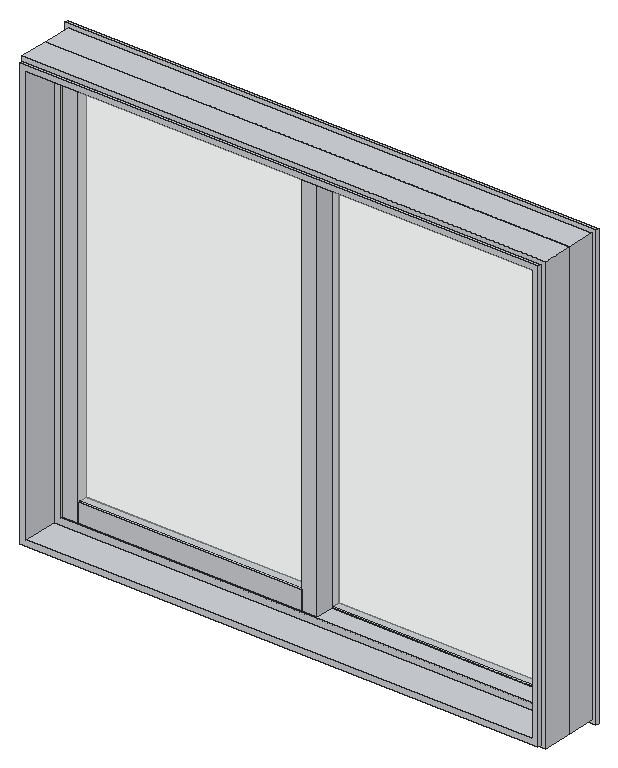
Revit family "APL Residential Thermal Heart Sliding Window SF", category Windows, host Wall, Revit 2017 (continued)
Definition of nested family "APL Residential Thermal Heart Sliding Window SF Horizontal Section"
  Definition of nested family "Jamb Fixed"
    Definition of nested family "65400_Jamb Fixed"
      Lines and regions (mm)
        detail lines, in view "Ref. Level"
          curve 451: arc (13.593, 20.854, 0) -> (13.496, 20.814, 0) -> (13.393, 20.8, 0) r 0.4
          curve 452: arc (13.1, 20.8, 0) -> (12.817, 20.917, 0) -> (12.7, 21.2, 0) r 0.4
          curve 453: line (13.1, 25, 0) -> (13.393, 25, 0)
          curve 454: line (13.593, 24.946, 0) -> (15.121, 24.062, 0)
          curve 455: line (15.722, 23.9, 0) -> (16.645, 23.9, 0)
          curve 456: line (17.584, 23.242, 0) -> (18.377, 21.063, 0)
          curve 457: line (18.753, 20.8, 0) -> (21.447, 20.8, 0)
          curve 458: line (21.823, 21.063, 0) -> (22.616, 23.242, 0)
          curve 459: line (23.555, 23.9, 0) -> (24.478, 23.9, 0)
          curve 460: line (25.079, 24.062, 0) -> (26.607, 24.946, 0)
          curve 461: line (26.807, 25, 0) -> (27.1, 25, 0)
          curve 462: line (27.5, 24.6, 0) -> (27.5, 21.2, 0)
          curve 463: line (27.1, 20.8, 0) -> (26.807, 20.8, 0)
          curve 464: line (26.607, 20.854, 0) -> (25.079, 21.739, 0)
          curve 465: line (24.184, 21.703, 0) -> (23.296, 19.263, 0)
          curve 466: line (22.92, 19, 0) -> (17.28, 19, 0)
          curve 467: line (16.904, 19.263, 0) -> (16.016, 21.703, 0)
          curve 468: line (15.121, 21.739, 0) -> (13.593, 20.854, 0)
          curve 469: line (13.393, 20.8, 0) -> (13.1, 20.8, 0)
          curve 470: line (12.7, 21.2, 0) -> (12.7, 24.6, 0)
          curve 471: arc (12.7, 40.8, 0) -> (12.817, 41.083, 0) -> (13.1, 41.2, 0) r 0.4
          curve 472: arc (13.393, 41.2, 0) -> (13.496, 41.186, 0) -> (13.593, 41.146, 0) r 0.4
          curve 473: arc (15.121, 40.262, 0) -> (15.411, 40.141, 0) -> (15.722, 40.1, 0) r 1.2
          curve 474: arc (16.645, 40.1, 0) -> (17.218, 39.919, 0) -> (17.584, 39.442, 0) r 1
          curve 475: arc (18.377, 37.263, 0) -> (18.524, 37.072, 0) -> (18.753, 37, 0) r 0.4
          curve 476: arc (21.447, 37, 0) -> (21.676, 37.072, 0) -> (21.823, 37.263, 0) r 0.4
          curve 477: arc (22.616, 39.442, 0) -> (22.982, 39.919, 0) -> (23.555, 40.1, 0) r 1
          curve 478: arc (24.478, 40.1, 0) -> (24.789, 40.141, 0) -> (25.079, 40.262, 0) r 1.2
          curve 479: arc (26.607, 41.146, 0) -> (26.704, 41.186, 0) -> (26.807, 41.2, 0) r 0.4
          curve 480: arc (27.1, 41.2, 0) -> (27.383, 41.083, 0) -> (27.5, 40.8, 0) r 0.4
          curve 481: arc (27.5, 37.4, 0) -> (27.383, 37.117, 0) -> (27.1, 37, 0) r 0.4
          curve 482: arc (26.807, 37, 0) -> (26.704, 37.014, 0) -> (26.607, 37.054, 0) r 0.4
          curve 483: arc (25.079, 37.939, 0) -> (24.785, 38.06, 0) -> (24.47, 38.1, 0) r 1.2
          curve 484: arc (24.47, 38.1, 0) -> (24.295, 38.047, 0) -> (24.184, 37.903, 0) r 0.3
          curve 485: arc (23.296, 35.463, 0) -> (23.149, 35.272, 0) -> (22.92, 35.2, 0) r 0.4
          curve 486: arc (17.28, 35.2, 0) -> (17.051, 35.272, 0) -> (16.904, 35.463, 0) r 0.4
          curve 487: arc (16.016, 37.903, 0) -> (15.905, 38.047, 0) -> (15.73, 38.1, 0) r 0.3
          curve 488: arc (15.73, 38.1, 0) -> (15.415, 38.06, 0) -> (15.121, 37.939, 0) r 1.2
          curve 489: arc (13.593, 37.054, 0) -> (13.496, 37.014, 0) -> (13.393, 37, 0) r 0.4
          curve 490: arc (13.1, 37, 0) -> (12.817, 37.117, 0) -> (12.7, 37.4, 0) r 0.4
          curve 491: line (13.1, 41.2, 0) -> (13.393, 41.2, 0)
          curve 492: line (13.593, 41.146, 0) -> (15.121, 40.262, 0)
          curve 493: line (15.722, 40.1, 0) -> (16.645, 40.1, 0)
          curve 494: line (17.584, 39.442, 0) -> (18.377, 37.263, 0)
          curve 495: line (18.753, 37, 0) -> (21.447, 37, 0)
          curve 496: line (21.823, 37.263, 0) -> (22.616, 39.442, 0)
          curve 497: line (23.555, 40.1, 0) -> (24.478, 40.1, 0)
          curve 498: line (25.079, 40.262, 0) -> (26.607, 41.146, 0)
          curve 499: line (26.807, 41.2, 0) -> (27.1, 41.2, 0)
          curve 500: line (27.5, 40.8, 0) -> (27.5, 37.4, 0)
          curve 501: line (27.1, 37, 0) -> (26.807, 37, 0)
          curve 502: line (26.607, 37.054, 0) -> (25.079, 37.939, 0)
          curve 503: line (24.184, 37.903, 0) -> (23.296, 35.463, 0)
          curve 504: line (22.92, 35.2, 0) -> (17.28, 35.2, 0)
          curve 505: line (16.904, 35.463, 0) -> (16.016, 37.903, 0)
          curve 506: line (15.121, 37.939, 0) -> (13.593, 37.054, 0)
          curve 507: line (13.393, 37, 0) -> (13.1, 37, 0)
          curve 508: line (12.7, 37.4, 0) -> (12.7, 40.8, 0)
          curve 509: arc (10.8, 36.502, 0) -> (11.356, 35.157, 0) -> (12.7, 34.6, 0) r 1.9
          curve 510: arc (13.1, 34.6, 0) -> (13.241, 34.541, 0) -> (13.3, 34.4, 0) r 0.2
          curve 511: arc (13.3, 27.6, 0) -> (13.241, 27.459, 0) -> (13.1, 27.4, 0) r 0.2
          curve 512: arc (11, 27.4, 0) -> (10.859, 27.341, 0) -> (10.8, 27.2, 0) r 0.2
          curve 513: arc (10.8, 26.717, 0) -> (10.741, 26.575, 0) -> (10.6, 26.517, 0) r 0.2
          curve 514: arc (1.9, 26.517, 0) -> (1.546, 26.663, 0) -> (1.4, 27.017, 0) r 0.5
          curve 515: arc (1.4, 40.755, 0) -> (1.521, 41.369, 0) -> (1.869, 41.889, 0) r 1.6
          curve 516: arc (6.387, 46.407, 0) -> (6.711, 46.624, 0) -> (7.094, 46.7, 0) r 1
          curve 517: arc (9.8, 46.7, 0) -> (10.507, 46.407, 0) -> (10.8, 45.7, 0) r 1
          curve 518: arc (1.665, 19.379, 0) -> (1.729, 19.478, 0) -> (1.725, 19.597, 0) r 0.2
          curve 519: arc (1.725, 19.597, 0) -> (1.621, 19.766, 0) -> (1.453, 19.873, 0) r 0.45
          curve 520: arc (1.453, 19.873, 0) -> (1.357, 19.948, 0) -> (1.322, 20.064, 0) r 0.2
          curve 521: arc (1.379, 24.919, 0) -> (1.438, 25.059, 0) -> (1.579, 25.117, 0) r 0.2
          curve 522: arc (10.6, 25.117, 0) -> (10.741, 25.058, 0) -> (10.8, 24.917, 0) r 0.2
          curve 523: arc (10.8, 20.828, 0) -> (10.773, 20.728, 0) -> (10.7, 20.655, 0) r 0.2
          curve 524: arc (9.6, 20.02, 0) -> (9.38, 19.8, 0) -> (9.3, 19.5, 0) r 0.6
          curve 525: arc (9.3, 19.2, 0) -> (9.359, 19.059, 0) -> (9.5, 19, 0) r 0.2
          curve 526: arc (13.617, 19, 0) -> (13.922, 19.199, 0) -> (14.195, 18.957, 0) r 0.3
          curve 527: arc (14.195, 18.957, 0) -> (14.261, 18.819, 0) -> (14.387, 18.732, 0) r 0.3
          curve 528: arc (15.797, 18.218, 0) -> (16.083, 18.262, 0) -> (16.199, 18.526, 0) r 0.3
          curve 529: arc (15.992, 20.892, 0) -> (15.965, 20.992, 0) -> (15.905, 21.078, 0) r 0.3
          curve 530: arc (15.541, 21.441, 0) -> (15.348, 21.493, 0) -> (15.207, 21.352, 0) r 0.2
          curve 531: arc (15.162, 21.184, 0) -> (15.11, 21.095, 0) -> (15.021, 21.043, 0) r 0.2
          curve 532: arc (12.878, 20.51, 0) -> (12.536, 20.657, 0) -> (12.6, 21.024, 0) r 0.3
          curve 533: arc (12.6, 21.024, 0) -> (12.674, 21.125, 0) -> (12.7, 21.247, 0) r 0.3
          curve 534: arc (12.506, 25.25, 0) -> (12.542, 25.422, 0) -> (12.7, 25.5, 0) r 0.2
          curve 535: arc (13.221, 25.5, 0) -> (13.302, 25.489, 0) -> (13.377, 25.456, 0) r 0.3
          curve 536: arc (14.631, 24.691, 0) -> (14.637, 24.498, 0) -> (14.78, 24.367, 0) r 0.25
          curve 537: arc (14.78, 24.367, 0) -> (15.05, 24.321, 0) -> (15.2, 24.55, 0) r 0.25
          curve 538: arc (15.2, 34.401, 0) -> (15.259, 34.542, 0) -> (15.4, 34.6, 0) r 0.2
          curve 539: arc (16.479, 34.6, 0) -> (16.643, 34.685, 0) -> (16.667, 34.868, 0) r 0.2
          curve 540: arc (15.775, 37.318, 0) -> (15.702, 37.414, 0) -> (15.587, 37.45, 0) r 0.2
          curve 541: arc (15.353, 37.45, 0) -> (15.248, 37.48, 0) -> (15.174, 37.561, 0) r 0.2
          curve 542: arc (15.174, 37.561, 0) -> (14.995, 37.696, 0) -> (14.78, 37.633, 0) r 0.25
          curve 543: arc (14.78, 37.633, 0) -> (14.637, 37.502, 0) -> (14.631, 37.309, 0) r 0.25
          curve 544: arc (13.377, 36.544, 0) -> (13.302, 36.511, 0) -> (13.221, 36.5, 0) r 0.3
          curve 545: arc (12.7, 36.5, 0) -> (12.542, 36.578, 0) -> (12.506, 36.75, 0) r 0.2
          curve 546: arc (12.7, 40.753, 0) -> (12.674, 40.875, 0) -> (12.6, 40.976, 0) r 0.3
          curve 547: arc (12.6, 40.976, 0) -> (12.536, 41.343, 0) -> (12.878, 41.49, 0) r 0.3
          curve 548: arc (15.021, 40.957, 0) -> (15.11, 40.905, 0) -> (15.162, 40.816, 0) r 0.2
          curve 549: arc (15.207, 40.648, 0) -> (15.348, 40.507, 0) -> (15.541, 40.559, 0) r 0.2
          curve 550: arc (15.905, 40.922, 0) -> (15.965, 41.008, 0) -> (15.992, 41.108, 0) r 0.3
          curve 551: arc (16.199, 43.474, 0) -> (16.083, 43.738, 0) -> (15.797, 43.782, 0) r 0.3
          curve 552: arc (14.387, 43.268, 0) -> (14.261, 43.181, 0) -> (14.195, 43.043, 0) r 0.3
          curve 553: arc (14.195, 43.043, 0) -> (13.922, 42.801, 0) -> (13.617, 43, 0) r 0.3
          curve 554: arc (12.6, 43, 0) -> (12.459, 43.059, 0) -> (12.4, 43.2, 0) r 0.2
          curve 555: arc (12.4, 45.696, 0) -> (11.64, 47.537, 0) -> (9.8, 48.3, 0) r 2.6
          curve 556: arc (7.9, 48.3, 0) -> (7.547, 48.446, 0) -> (7.4, 48.8, 0) r 0.5
          curve 557: arc (7.4, 56.402, 0) -> (7.508, 56.581, 0) -> (7.716, 56.566, 0) r 0.2
          curve 558: arc (7.716, 56.566, 0) -> (8.721, 56.692, 0) -> (8.684, 57.705, 0) r 0.75
          curve 559: arc (8.684, 57.705, 0) -> (8.15, 59.005, 0) -> (8.684, 60.305, 0) r 1.85
          curve 560: arc (8.684, 60.305, 0) -> (8.794, 60.447, 0) -> (8.867, 60.612, 0) r 0.75
          curve 561: arc (8.867, 60.612, 0) -> (8.97, 60.796, 0) -> (9.14, 60.921, 0) r 0.5
          curve 562: arc (9.14, 60.921, 0) -> (10, 61.105, 0) -> (10.86, 60.921, 0) r 2.1
          curve 563: arc (10.86, 60.921, 0) -> (11.03, 60.796, 0) -> (11.133, 60.612, 0) r 0.5
          curve 564: arc (11.133, 60.612, 0) -> (11.206, 60.447, 0) -> (11.316, 60.305, 0) r 0.75
          curve 565: arc (11.316, 60.305, 0) -> (11.85, 59.005, 0) -> (11.316, 57.705, 0) r 1.85
          curve 566: arc (11.316, 57.705, 0) -> (11.323, 56.644, 0) -> (12.384, 56.651, 0) r 0.75
          curve 567: arc (12.384, 56.651, 0) -> (13.348, 58.881, 0) -> (12.551, 61.176, 0) r 3.35
          curve 568: arc (12.551, 61.176, 0) -> (12.478, 61.71, 0) -> (12.932, 62, 0) r 0.5
          curve 569: arc (13.15, 62, 0) -> (13.291, 62.059, 0) -> (13.35, 62.2, 0) r 0.2
          curve 570: arc (13.35, 62.5, 0) -> (13.204, 62.854, 0) -> (12.85, 63, 0) r 0.5
          curve 571: arc (7, 63, 0) -> (6.293, 62.707, 0) -> (6, 62, 0) r 1
          curve 572: arc (6, 49.243, 0) -> (5.772, 48.095, 0) -> (5.121, 47.121, 0) r 3
          curve 573: arc (0.879, 42.879, 0) -> (0.228, 41.905, 0) -> (0, 40.757, 0) r 3
          curve 574: arc (0, 19.2, 0) -> (0.059, 19.059, 0) -> (0.2, 19, 0) r 0.2
          curve 575: line (10.8, 45.7, 0) -> (10.8, 36.502, 0)
          curve 576: line (12.7, 34.6, 0) -> (13.1, 34.6, 0)
          curve 577: line (13.3, 34.4, 0) -> (13.3, 27.6, 0)
          curve 578: line (13.1, 27.4, 0) -> (11, 27.4, 0)
          curve 579: line (10.8, 27.2, 0) -> (10.8, 26.717, 0)
          curve 580: line (10.6, 26.517, 0) -> (1.9, 26.517, 0)
          curve 581: line (1.4, 27.017, 0) -> (1.4, 40.755, 0)
          curve 582: line (1.869, 41.889, 0) -> (6.387, 46.407, 0)
          curve 583: line (7.094, 46.7, 0) -> (9.8, 46.7, 0)
          curve 584: line (1.322, 20.064, 0) -> (1.379, 24.919, 0)
          curve 585: line (1.579, 25.117, 0) -> (10.6, 25.117, 0)
          curve 586: line (10.8, 24.917, 0) -> (10.8, 20.828, 0)
          curve 587: line (10.7, 20.655, 0) -> (9.6, 20.02, 0)
          curve 588: line (9.3, 19.5, 0) -> (9.3, 19.2, 0)
          curve 589: line (9.5, 19, 0) -> (13.617, 19, 0)
          curve 590: line (14.387, 18.732, 0) -> (15.797, 18.218, 0)
          curve 591: line (16.199, 18.526, 0) -> (15.992, 20.892, 0)
          curve 592: line (15.905, 21.078, 0) -> (15.541, 21.441, 0)
          curve 593: line (15.207, 21.352, 0) -> (15.162, 21.184, 0)
          curve 594: line (15.021, 21.043, 0) -> (12.888, 20.472, 0)
          curve 595: line (12.7, 21.247, 0) -> (12.7, 24.475, 0)
          curve 596: line (12.7, 24.5, 0) -> (12.506, 25.25, 0)
          curve 597: line (12.7, 25.5, 0) -> (13.221, 25.5, 0)
          curve 598: line (13.377, 25.456, 0) -> (14.631, 24.691, 0)
          curve 599: line (15.2, 24.55, 0) -> (15.2, 26.126, 0)
          curve 600: line (15.2, 26.126, 0) -> (15.2, 34.401, 0)
          curve 601: line (15.4, 34.6, 0) -> (16.479, 34.6, 0)
          curve 602: line (16.667, 34.868, 0) -> (15.775, 37.318, 0)
          curve 603: line (15.587, 37.45, 0) -> (15.353, 37.45, 0)
          curve 604: line (14.631, 37.309, 0) -> (13.377, 36.544, 0)
          curve 605: line (13.221, 36.5, 0) -> (12.7, 36.5, 0)
          curve 606: line (12.506, 36.75, 0) -> (12.7, 37.5, 0)
          curve 607: line (12.7, 37.525, 0) -> (12.7, 40.753, 0)
          curve 608: line (12.888, 41.528, 0) -> (15.021, 40.957, 0)
          curve 609: line (15.162, 40.816, 0) -> (15.207, 40.648, 0)
          curve 610: line (15.541, 40.559, 0) -> (15.905, 40.922, 0)
          curve 611: line (15.992, 41.108, 0) -> (16.199, 43.474, 0)
          curve 612: line (15.797, 43.782, 0) -> (14.387, 43.268, 0)
          curve 613: line (13.617, 43, 0) -> (12.6, 43, 0)
          curve 614: line (12.4, 43.2, 0) -> (12.4, 45.696, 0)
          curve 615: line (9.8, 48.3, 0) -> (7.9, 48.3, 0)
          curve 616: line (7.4, 48.8, 0) -> (7.4, 56.402, 0)
          curve 617: line (12.932, 62, 0) -> (13.15, 62, 0)
          curve 618: line (13.35, 62.2, 0) -> (13.35, 62.5, 0)
          curve 619: line (12.85, 63, 0) -> (7, 63, 0)
          curve 620: line (6, 62, 0) -> (6, 49.243, 0)
          curve 621: line (5.121, 47.121, 0) -> (0.879, 42.879, 0)
          curve 622: line (0, 40.757, 0) -> (0, 19.2, 0)
          curve 623: line (0.2, 19, 0) -> (1.214, 19, 0)
          curve 624: line (1.214, 19, 0) -> (1.665, 19.379, 0)
      Text (mm)
        text "65400" at (42.552, 67.011, 0), in view "Ref. Level"
    Definition of nested family "65585_Infill"
      Reference planes
        plane 1 "Center (Front/Back)": y = 0
        plane 2: z = 0
        plane 3 "Center (Left/Right)": x = 0
      Lines and regions (mm)
        model lines, in view "Ref. Level"
          curve 1: arc (0.752, -3.072, 0) -> (0.936, -2.765, 0) -> (1, -2.413, 0) r 1
          curve 2: arc (1, -2, 0) -> (1.146, -1.646, 0) -> (1.5, -1.5, 0) r 0.5
          curve 3: arc (36.55, -1.5, 0) -> (36.904, -1.646, 0) -> (37.05, -2, 0) r 0.5
          curve 4: arc (37.05, -2.542, 0) -> (37.582, -3.901, 0) -> (38.896, -4.536, 0) r 2
          curve 5: arc (38.896, -4.536, 0) -> (39.7, -4.528, 0) -> (40.49, -4.38, 0) r 4.6
          curve 6: arc (40.49, -4.38, 0) -> (40.927, -4.463, 0) -> (41.125, -4.861, 0) r 0.5
          curve 7: arc (41.125, -5.356, 0) -> (41.077, -5.571, 0) -> (40.941, -5.744, 0) r 0.5
          curve 8: arc (40.941, -5.744, 0) -> (40.536, -5.965, 0) -> (40.078, -6.026, 0) r 1.261
          curve 9: arc (40.078, -6.026, 0) -> (38.967, -6.436, 0) -> (38.5, -7.524, 0) r 1.5
          curve 10: arc (38.5, -11, 0) -> (38.793, -11.707, 0) -> (39.5, -12, 0) r 1
          curve 11: arc (41.5, -12, 0) -> (42, -11.5, 0) -> (41.5, -11, 0) r 0.5
          curve 12: arc (39.5, -7.524, 0) -> (39.656, -7.161, 0) -> (40.026, -7.024, 0) r 0.5
          curve 13: arc (40.026, -7.024, 0) -> (41.175, -6.779, 0) -> (42.045, -5.99, 0) r 2.261
          curve 14: arc (42.045, -5.99, 0) -> (42.105, -5.861, 0) -> (42.125, -5.72, 0) r 0.5
          curve 15: arc (42.125, -3.292, 0) -> (41.854, -2.848, 0) -> (41.335, -2.884, 0) r 0.5
          curve 16: arc (41.335, -2.884, 0) -> (40.212, -3.419, 0) -> (38.973, -3.539, 0) r 3.6
          curve 17: arc (38.973, -3.539, 0) -> (38.316, -3.222, 0) -> (38.05, -2.542, 0) r 1
          curve 18: arc (38.05, -2.011, 0) -> (38.088, -1.819, 0) -> (38.196, -1.657, 0) r 0.5
          curve 19: arc (39.427, -0.427, 0) -> (39.481, -0.154, 0) -> (39.25, 0, 0) r 0.25
          curve 20: arc (0.5, 0, 0) -> (0.146, -0.146, 0) -> (0, -0.5, 0) r 0.5
          curve 21: line (1, -2.413, 0) -> (1, -2, 0)
          curve 22: line (1.5, -1.5, 0) -> (36.55, -1.5, 0)
          curve 23: line (37.05, -2, 0) -> (37.05, -2.542, 0)
          curve 24: line (41.125, -4.861, 0) -> (41.125, -5.356, 0)
          curve 25: line (38.5, -7.524, 0) -> (38.5, -11, 0)
          curve 26: line (39.5, -12, 0) -> (41.5, -12, 0)
          curve 27: line (41.5, -11, 0) -> (39.5, -11, 0)
          curve 28: line (39.5, -11, 0) -> (39.5, -7.524, 0)
          curve 29: line (42.125, -5.72, 0) -> (42.125, -3.292, 0)
          curve 30: line (38.05, -2.542, 0) -> (38.05, -2.011, 0)
          curve 31: line (38.196, -1.657, 0) -> (39.427, -0.427, 0)
          curve 32: line (39.25, 0, 0) -> (0.5, 0, 0)
          curve 33: line (0, -0.5, 0) -> (0, -2.413, 0)
          curve 34: arc (0, -2.413, 0) -> (-0.837, -6.153, 0) -> (1.856, -8.881, 0) r 4
          curve 35: arc (1.856, -8.881, 0) -> (2.479, -8.546, 0) -> (2.144, -7.923, 0) r 0.5
          curve 36: arc (2.144, -7.923, 0) -> (0.124, -5.878, 0) -> (0.752, -3.072, 0) r 3
      Text (mm)
        text "65585" at (9.33, 14.342, 0), in view "Ref. Level"
  Definition of nested family "Jamb Stile"
    Reference planes
      plane 1 "Center (Front/Back)": y = 0
      plane 2: z = 0
      plane 3 "Center (Left/Right)": x = 0
    Dimensions and locks
      locked: nested 3 to nested 1 at 18
      locked: nested 1 to nested 3 at 6.6
    Nested families
      nested 1: "65400_Frame Head" at (0, 0, 0) x (0, 1, 0) z (0, 0, 1), type "65400_Frame Head", in view "Ref. Level"
      nested 2: "65575_Threshold" at (-24, 0, 0) x (0, 1, 0) z (0, 0, 1), type "65575_Threshold", in view "Ref. Level"
      nested 3: "65520_Lock Stile" at (-32, 108.4, 0) x (-1, 0, 0) z (0, 0, 1), type "65520_Lock Stile", in view "Ref. Level"
    Definition of nested family "65400_Frame Head"
      Reference planes
        plane 1 "Center (Front/Back)": y = 0
        plane 2: z = 0
        plane 3 "Center (Left/Right)": x = 0
      Lines and regions (mm)
        detail lines, in view "Ref. Level"
          curve 1: arc (46.1, -24.2, 0) -> (45.602, -22.998, 0) -> (44.4, -22.5, 0) r 1.7
          curve 2: arc (29.9, -22.5, 0) -> (29.546, -22.354, 0) -> (29.4, -22, 0) r 0.5
          curve 3: arc (29.4, -8.901, 0) -> (29.546, -8.547, 0) -> (29.9, -8.4, 0) r 0.5
          curve 4: arc (36.605, -8.4, 0) -> (37.013, -8.479, 0) -> (37.363, -8.704, 0) r 1.1
          curve 5: arc (37.363, -8.704, 0) -> (38.199, -9.316, 0) -> (39.189, -9.621, 0) r 3.126
          curve 6: arc (62.286, -10.8, 0) -> (62.738, -11.119, 0) -> (63.285, -11.042, 0) r 0.75
          curve 7: arc (63.285, -11.042, 0) -> (64.2, -10.8, 0) -> (65.115, -11.042, 0) r 1.85
          curve 8: arc (65.115, -11.042, 0) -> (65.281, -11.112, 0) -> (65.459, -11.14, 0) r 0.75
          curve 9: arc (65.459, -11.14, 0) -> (65.663, -11.192, 0) -> (65.828, -11.324, 0) r 0.5
          curve 10: arc (65.828, -11.324, 0) -> (66.3, -12.65, 0) -> (65.828, -13.976, 0) r 2.1
          curve 11: arc (65.828, -13.976, 0) -> (65.663, -14.108, 0) -> (65.459, -14.16, 0) r 0.5
          curve 12: arc (65.459, -14.16, 0) -> (65.281, -14.188, 0) -> (65.115, -14.258, 0) r 0.75
          curve 13: arc (65.115, -14.258, 0) -> (63.721, -14.437, 0) -> (62.604, -13.585, 0) r 1.85
          curve 14: arc (62.604, -13.585, 0) -> (61.577, -13.317, 0) -> (61.309, -14.343, 0) r 0.75
          curve 15: arc (61.309, -14.343, 0) -> (62.349, -15.442, 0) -> (63.765, -15.972, 0) r 3.35
          curve 16: arc (63.765, -15.972, 0) -> (64.076, -16.138, 0) -> (64.2, -16.467, 0) r 0.5
          curve 17: arc (64.2, -25.517, 0) -> (64.489, -27.435, 0) -> (65.33, -29.182, 0) r 6.5
          curve 18: arc (65.33, -29.182, 0) -> (65.978, -30.526, 0) -> (66.2, -32, 0) r 5
          curve 19: arc (66.2, -41.1, 0) -> (66.054, -41.454, 0) -> (65.7, -41.6, 0) r 0.5
          curve 20: arc (47, -41.6, 0) -> (46.646, -41.454, 0) -> (46.5, -41.1, 0) r 0.5
          curve 21: arc (46.5, -36.5, 0) -> (46.396, -35.952, 0) -> (46.1, -35.48, 0) r 1.5
          curve 22: arc (24.183, -8.227, 0) -> (24.053, -8.162, 0) -> (24, -8.027, 0) r 0.2
          curve 23: arc (24.399, -5.679, 0) -> (24.668, -5.392, 0) -> (25.06, -5.387, 0) r 0.5
          curve 24: arc (25.06, -5.387, 0) -> (25.236, -5.3, 0) -> (25.42, -5.367, 0) r 0.25
          curve 25: arc (25.42, -5.367, 0) -> (25.563, -5.498, 0) -> (25.569, -5.691, 0) r 0.25
          curve 26: arc (26.823, -6.456, 0) -> (26.898, -6.489, 0) -> (26.979, -6.5, 0) r 0.3
          curve 27: arc (27.5, -6.5, 0) -> (27.658, -6.422, 0) -> (27.694, -6.25, 0) r 0.2
          curve 28: arc (27.5, -2.247, 0) -> (27.526, -2.125, 0) -> (27.6, -2.024, 0) r 0.3
          curve 29: arc (27.6, -2.024, 0) -> (27.664, -1.657, 0) -> (27.322, -1.51, 0) r 0.3
          curve 30: arc (25.179, -2.043, 0) -> (25.09, -2.095, 0) -> (25.038, -2.184, 0) r 0.2
          curve 31: arc (24.993, -2.352, 0) -> (24.852, -2.493, 0) -> (24.659, -2.441, 0) r 0.2
          curve 32: arc (24.295, -2.078, 0) -> (24.235, -1.992, 0) -> (24.208, -1.892, 0) r 0.3
          curve 33: arc (24.001, 0.474, 0) -> (24.117, 0.738, 0) -> (24.403, 0.782, 0) r 0.3
          curve 34: arc (25.813, 0.268, 0) -> (25.939, 0.181, 0) -> (26.005, 0.043, 0) r 0.3
          curve 35: arc (26.005, 0.043, 0) -> (26.278, -0.199, 0) -> (26.583, 0, 0) r 0.3
          curve 36: arc (28.9, 0, 0) -> (29.254, -0.146, 0) -> (29.4, -0.5, 0) r 0.5
          curve 37: arc (29.4, -6.1, 0) -> (29.546, -6.454, 0) -> (29.9, -6.6, 0) r 0.499
          curve 38: arc (37.767, -6.6, 0) -> (38.931, -6.835, 0) -> (39.913, -7.503, 0) r 2.996
          curve 39: arc (39.913, -7.503, 0) -> (40.232, -7.73, 0) -> (40.611, -7.831, 0) r 1.1
          curve 40: arc (68.1, -8.9, 0) -> (68.241, -8.841, 0) -> (68.3, -8.7, 0) r 0.2
          curve 41: arc (68.3, -0.5, 0) -> (68.446, -0.146, 0) -> (68.8, 0, 0) r 0.5
          curve 42: arc (71.117, 0, 0) -> (71.422, -0.199, 0) -> (71.695, 0.043, 0) r 0.3
          curve 43: arc (71.695, 0.043, 0) -> (71.761, 0.181, 0) -> (71.887, 0.268, 0) r 0.3
          curve 44: arc (73.297, 0.782, 0) -> (73.583, 0.738, 0) -> (73.699, 0.474, 0) r 0.3
          curve 45: arc (73.492, -1.892, 0) -> (73.465, -1.992, 0) -> (73.405, -2.078, 0) r 0.3
          curve 46: arc (73.041, -2.441, 0) -> (72.848, -2.493, 0) -> (72.707, -2.352, 0) r 0.2
          curve 47: arc (72.662, -2.184, 0) -> (72.61, -2.095, 0) -> (72.521, -2.043, 0) r 0.2
          curve 48: arc (70.378, -1.51, 0) -> (70.036, -1.657, 0) -> (70.1, -2.024, 0) r 0.3
          curve 49: arc (70.1, -2.024, 0) -> (70.174, -2.125, 0) -> (70.2, -2.247, 0) r 0.3
          curve 50: arc (70.006, -6.25, 0) -> (70.042, -6.422, 0) -> (70.2, -6.5, 0) r 0.2
          curve 51: arc (70.721, -6.5, 0) -> (70.802, -6.489, 0) -> (70.877, -6.456, 0) r 0.3
          curve 52: arc (72.131, -5.691, 0) -> (72.137, -5.498, 0) -> (72.28, -5.367, 0) r 0.25
          curve 53: arc (72.28, -5.367, 0) -> (72.55, -5.321, 0) -> (72.7, -5.55, 0) r 0.25
          curve 54: arc (72.7, -7.124, 0) -> (72.618, -7.522, 0) -> (72.385, -7.854, 0) r 1
          curve 55: arc (72.385, -7.854, 0) -> (72.322, -8, 0) -> (72.385, -8.146, 0) r 0.2
          curve 56: arc (72.385, -8.146, 0) -> (72.618, -8.477, 0) -> (72.7, -8.874, 0) r 1
          curve 57: arc (72.7, -10.449, 0) -> (72.573, -10.668, 0) -> (72.32, -10.663, 0) r 0.25
          curve 58: arc (72.234, -10.611, 0) -> (72.128, -10.479, 0) -> (72.131, -10.309, 0) r 0.25
          curve 59: arc (70.877, -9.544, 0) -> (70.802, -9.511, 0) -> (70.721, -9.5, 0) r 0.3
          curve 60: arc (70.2, -9.5, 0) -> (70.042, -9.578, 0) -> (70.006, -9.75, 0) r 0.2
          curve 61: arc (70.2, -13.753, 0) -> (70.174, -13.876, 0) -> (70.1, -13.976, 0) r 0.3
          curve 62: arc (70.1, -13.976, 0) -> (70.02, -14.307, 0) -> (70.3, -14.5, 0) r 0.3
          curve 63: arc (72.521, -13.957, 0) -> (72.61, -13.905, 0) -> (72.662, -13.816, 0) r 0.2
          curve 64: arc (72.707, -13.648, 0) -> (72.848, -13.507, 0) -> (73.041, -13.559, 0) r 0.2
          curve 65: arc (73.405, -13.922, 0) -> (73.465, -14.008, 0) -> (73.492, -14.108, 0) r 0.3
          curve 66: arc (73.699, -16.474, 0) -> (73.583, -16.738, 0) -> (73.297, -16.782, 0) r 0.3
          curve 67: arc (71.887, -16.268, 0) -> (71.761, -16.181, 0) -> (71.695, -16.043, 0) r 0.3
          curve 68: arc (71.695, -16.043, 0) -> (71.422, -15.801, 0) -> (71.117, -16, 0) r 0.3
          curve 69: arc (66.201, -16, 0) -> (65.847, -16.146, 0) -> (65.7, -16.5, 0) r 0.5
          curve 70: arc (65.7, -25.519, 0) -> (65.922, -26.994, 0) -> (66.57, -28.337, 0) r 5
          curve 71: arc (66.57, -28.337, 0) -> (67.411, -30.083, 0) -> (67.7, -32, 0) r 6.5
          curve 72: arc (67.7, -33.1, 0) -> (67.759, -33.241, 0) -> (67.9, -33.3, 0) r 0.2
          curve 73: arc (69.3, -33.3, 0) -> (69.441, -33.241, 0) -> (69.5, -33.1, 0) r 0.2
          curve 74: arc (69.5, -32.8, 0) -> (70, -32.299, 0) -> (70.5, -32.8, 0) r 0.5
          curve 75: arc (70.5, -35.351, 0) -> (69.999, -35.85, 0) -> (69.5, -35.35, 0) r 0.5
          curve 76: arc (69.5, -34.5, 0) -> (69.441, -34.359, 0) -> (69.3, -34.3, 0) r 0.2
          curve 77: arc (67.9, -34.3, 0) -> (67.759, -34.359, 0) -> (67.7, -34.5, 0) r 0.2
          curve 78: arc (67.7, -41.8, 0) -> (67.759, -41.941, 0) -> (67.9, -42, 0) r 0.2
          curve 79: arc (69.3, -42, 0) -> (69.441, -41.941, 0) -> (69.5, -41.8, 0) r 0.2
          curve 80: arc (69.5, -40.95, 0) -> (70, -40.449, 0) -> (70.5, -40.95, 0) r 0.5
          curve 81: arc (70.5, -42.499, 0) -> (70.354, -42.853, 0) -> (70, -43, 0) r 0.5
          curve 82: arc (42.7, -43, 0) -> (42.559, -42.941, 0) -> (42.5, -42.8, 0) r 0.2
          curve 83: arc (42.5, -41.25, 0) -> (43, -40.749, 0) -> (43.5, -41.25, 0) r 0.5
          curve 84: arc (43.5, -41.8, 0) -> (43.559, -41.941, 0) -> (43.7, -42, 0) r 0.2
          curve 85: arc (44.8, -42, 0) -> (44.941, -41.941, 0) -> (45, -41.8, 0) r 0.2
          curve 86: arc (45, -36.7, 0) -> (44.941, -36.559, 0) -> (44.8, -36.5, 0) r 0.2
          curve 87: arc (43.7, -36.5, 0) -> (43.559, -36.559, 0) -> (43.5, -36.7, 0) r 0.2
          curve 88: arc (43.5, -37.25, 0) -> (43, -37.749, 0) -> (42.5, -37.25, 0) r 0.5
          curve 89: arc (42.5, -36.5, 0) -> (42.793, -35.793, 0) -> (43.5, -35.5, 0) r 1
          curve 90: arc (44.395, -35.5, 0) -> (44.539, -35.443, 0) -> (44.6, -35.3, 0) r 0.202
          curve 91: arc (44.6, -24.2, 0) -> (44.538, -24.058, 0) -> (44.395, -24, 0) r 0.205
          curve 92: arc (26.583, -24, 0) -> (26.278, -23.801, 0) -> (26.005, -24.043, 0) r 0.3
          curve 93: arc (26.005, -24.043, 0) -> (25.939, -24.181, 0) -> (25.813, -24.268, 0) r 0.3
          curve 94: arc (24.403, -24.782, 0) -> (24.117, -24.738, 0) -> (24.001, -24.474, 0) r 0.3
          curve 95: arc (24.208, -22.108, 0) -> (24.235, -22.008, 0) -> (24.295, -21.922, 0) r 0.3
          curve 96: arc (24.659, -21.559, 0) -> (24.852, -21.507, 0) -> (24.993, -21.648, 0) r 0.2
          curve 97: arc (25.038, -21.816, 0) -> (25.09, -21.905, 0) -> (25.179, -21.957, 0) r 0.2
          curve 98: arc (27.322, -22.49, 0) -> (27.664, -22.343, 0) -> (27.6, -21.976, 0) r 0.3
          curve 99: arc (27.6, -21.976, 0) -> (27.526, -21.875, 0) -> (27.5, -21.753, 0) r 0.3
          curve 100: arc (27.694, -17.75, 0) -> (27.658, -17.578, 0) -> (27.5, -17.5, 0) r 0.2
          curve 101: arc (26.979, -17.5, 0) -> (26.898, -17.511, 0) -> (26.823, -17.544, 0) r 0.3
          curve 102: arc (25.569, -18.309, 0) -> (25.563, -18.502, 0) -> (25.42, -18.633, 0) r 0.25
          curve 103: arc (25.42, -18.633, 0) -> (25.15, -18.679, 0) -> (25, -18.45, 0) r 0.25
          curve 104: arc (25, -16.874, 0) -> (25.128, -16.385, 0) -> (25.479, -16.021, 0) r 1
          curve 105: line (46.1, -35.48, 0) -> (46.1, -24.2, 0)
          curve 106: line (44.4, -22.5, 0) -> (29.9, -22.5, 0)
          curve 107: line (29.4, -22, 0) -> (29.4, -8.901, 0)
          curve 108: line (29.9, -8.4, 0) -> (36.605, -8.4, 0)
          curve 109: line (39.189, -9.621, 0) -> (53.629, -10.8, 0)
          curve 110: line (53.629, -10.8, 0) -> (62.286, -10.8, 0)
          curve 111: line (64.2, -16.467, 0) -> (64.2, -25.517, 0)
          curve 112: line (66.2, -32, 0) -> (66.2, -41.1, 0)
          curve 113: line (65.7, -41.6, 0) -> (47, -41.6, 0)
          curve 114: line (46.5, -41.1, 0) -> (46.5, -36.5, 0)
          curve 115: line (27.317, -8.501, 0) -> (24.183, -8.227, 0)
          curve 116: line (24, -8.027, 0) -> (24, -6.776, 0)
          curve 117: line (24, -6.776, 0) -> (24.399, -5.679, 0)
          curve 118: line (25.569, -5.691, 0) -> (26.823, -6.456, 0)
          curve 119: line (26.979, -6.5, 0) -> (27.5, -6.5, 0)
          curve 120: line (27.694, -6.25, 0) -> (27.5, -5.5, 0)
          curve 121: line (27.5, -5.475, 0) -> (27.5, -2.247, 0)
          curve 122: line (27.312, -1.472, 0) -> (25.179, -2.043, 0)
          curve 123: line (25.038, -2.184, 0) -> (24.993, -2.352, 0)
          curve 124: line (24.659, -2.441, 0) -> (24.295, -2.078, 0)
          curve 125: line (24.208, -1.892, 0) -> (24.001, 0.474, 0)
          curve 126: line (24.403, 0.782, 0) -> (25.813, 0.268, 0)
          curve 127: line (26.583, 0, 0) -> (28.9, 0, 0)
          curve 128: line (29.4, -0.5, 0) -> (29.4, -6.1, 0)
          curve 129: line (29.9, -6.6, 0) -> (33.5, -6.6, 0)
          curve 130: line (33.5, -6.6, 0) -> (33.9, -7, 0)
          curve 131: line (33.9, -7, 0) -> (34.3, -6.6, 0)
          curve 132: line (34.3, -6.6, 0) -> (37.767, -6.6, 0)
          curve 133: line (40.611, -7.831, 0) -> (53.707, -8.9, 0)
          curve 134: line (53.707, -8.9, 0) -> (58.307, -8.9, 0)
          curve 135: line (58.307, -8.9, 0) -> (58.707, -9.3, 0)
          curve 136: line (58.707, -9.3, 0) -> (59.107, -8.9, 0)
          curve 137: line (59.107, -8.9, 0) -> (68.1, -8.9, 0)
          curve 138: line (68.3, -8.7, 0) -> (68.3, -0.5, 0)
          curve 139: line (68.8, 0, 0) -> (71.117, 0, 0)
          curve 140: line (71.887, 0.268, 0) -> (73.297, 0.782, 0)
          curve 141: line (73.699, 0.474, 0) -> (73.492, -1.892, 0)
          curve 142: line (73.405, -2.078, 0) -> (73.041, -2.441, 0)
          curve 143: line (72.707, -2.352, 0) -> (72.662, -2.184, 0)
          curve 144: line (72.521, -2.043, 0) -> (70.388, -1.472, 0)
          curve 145: line (70.2, -2.247, 0) -> (70.2, -5.475, 0)
          curve 146: line (70.2, -5.5, 0) -> (70.006, -6.25, 0)
          curve 147: line (70.2, -6.5, 0) -> (70.721, -6.5, 0)
          curve 148: line (70.877, -6.456, 0) -> (72.131, -5.691, 0)
          curve 149: line (72.7, -5.55, 0) -> (72.7, -7.124, 0)
          curve 150: line (72.7, -8.874, 0) -> (72.7, -10.449, 0)
          curve 151: line (72.131, -10.309, 0) -> (70.877, -9.544, 0)
          curve 152: line (70.721, -9.5, 0) -> (70.2, -9.5, 0)
          curve 153: line (70.006, -9.75, 0) -> (70.2, -10.5, 0)
          curve 154: line (70.2, -10.525, 0) -> (70.2, -13.753, 0)
          curve 155: line (70.532, -14.49, 0) -> (72.521, -13.957, 0)
          curve 156: line (72.662, -13.816, 0) -> (72.707, -13.648, 0)
          curve 157: line (73.041, -13.559, 0) -> (73.405, -13.922, 0)
          curve 158: line (73.492, -14.108, 0) -> (73.699, -16.474, 0)
          curve 159: line (73.297, -16.782, 0) -> (71.887, -16.268, 0)
          curve 160: line (71.117, -16, 0) -> (66.201, -16, 0)
          curve 161: line (65.7, -16.5, 0) -> (65.7, -25.519, 0)
          curve 162: line (67.7, -32, 0) -> (67.7, -33.1, 0)
          curve 163: line (67.9, -33.3, 0) -> (69.3, -33.3, 0)
          curve 164: line (69.5, -33.1, 0) -> (69.5, -32.8, 0)
          curve 165: line (70.5, -32.8, 0) -> (70.5, -35.351, 0)
          curve 166: line (69.5, -35.35, 0) -> (69.5, -34.5, 0)
          curve 167: line (69.3, -34.3, 0) -> (67.9, -34.3, 0)
          curve 168: line (67.7, -34.5, 0) -> (67.7, -41.8, 0)
          curve 169: line (67.9, -42, 0) -> (69.3, -42, 0)
          curve 170: line (69.5, -41.8, 0) -> (69.5, -40.95, 0)
          curve 171: line (70.5, -40.95, 0) -> (70.5, -42.499, 0)
          curve 172: line (70, -43, 0) -> (42.7, -43, 0)
          curve 173: line (42.5, -42.8, 0) -> (42.5, -41.25, 0)
          curve 174: line (43.5, -41.25, 0) -> (43.5, -41.8, 0)
          curve 175: line (43.7, -42, 0) -> (44.8, -42, 0)
          curve 176: line (45, -41.8, 0) -> (45, -36.7, 0)
          curve 177: line (44.8, -36.5, 0) -> (43.7, -36.5, 0)
          curve 178: line (43.5, -36.7, 0) -> (43.5, -37.25, 0)
          curve 179: line (42.5, -37.25, 0) -> (42.5, -36.5, 0)
          curve 180: line (43.5, -35.5, 0) -> (44.395, -35.5, 0)
          curve 181: line (44.6, -35.3, 0) -> (44.6, -24.2, 0)
          curve 182: line (44.395, -24, 0) -> (34.3, -24, 0)
          curve 183: line (34.3, -24, 0) -> (33.9, -23.6, 0)
          curve 184: line (33.9, -23.6, 0) -> (33.5, -24, 0)
          curve 185: line (33.5, -24, 0) -> (26.583, -24, 0)
          curve 186: line (25.813, -24.268, 0) -> (24.403, -24.782, 0)
          curve 187: line (24.001, -24.474, 0) -> (24.208, -22.108, 0)
          curve 188: line (24.295, -21.922, 0) -> (24.659, -21.559, 0)
          curve 189: line (24.993, -21.648, 0) -> (25.038, -21.816, 0)
          curve 190: line (25.179, -21.957, 0) -> (27.312, -22.528, 0)
          curve 191: line (27.5, -21.753, 0) -> (27.5, -18.525, 0)
          curve 192: line (27.5, -18.5, 0) -> (27.694, -17.75, 0)
          curve 193: line (27.5, -17.5, 0) -> (26.979, -17.5, 0)
          curve 194: line (26.823, -17.544, 0) -> (25.569, -18.309, 0)
          curve 195: line (25, -18.45, 0) -> (25, -16.874, 0)
          curve 196: line (25.479, -16.021, 0) -> (26.284, -15.529, 0)
          curve 197: line (26.389, -15.5, 0) -> (27.5, -15.5, 0)
          curve 198: line (27.5, -15.5, 0) -> (27.5, -8.7, 0)
          curve 199: arc (27.5, -8.7, 0) -> (27.447, -8.565, 0) -> (27.317, -8.501, 0) r 0.2
          curve 200: arc (70.2, -10.4, 0) -> (70.317, -10.117, 0) -> (70.6, -10, 0) r 0.4
          curve 201: arc (70.893, -10, 0) -> (70.996, -10.014, 0) -> (71.093, -10.054, 0) r 0.4
          curve 202: arc (72.621, -10.939, 0) -> (72.911, -11.059, 0) -> (73.222, -11.1, 0) r 1.2
          curve 203: arc (74.145, -11.1, 0) -> (74.718, -11.281, 0) -> (75.084, -11.758, 0) r 1
          curve 204: arc (75.877, -13.937, 0) -> (76.024, -14.128, 0) -> (76.253, -14.2, 0) r 0.4
          curve 205: arc (78.947, -14.2, 0) -> (79.176, -14.128, 0) -> (79.323, -13.937, 0) r 0.4
          curve 206: arc (80.116, -11.758, 0) -> (80.482, -11.281, 0) -> (81.055, -11.1, 0) r 1
          curve 207: arc (81.978, -11.1, 0) -> (82.289, -11.059, 0) -> (82.579, -10.939, 0) r 1.2
          curve 208: arc (84.107, -10.054, 0) -> (84.204, -10.014, 0) -> (84.307, -10, 0) r 0.4
          curve 209: arc (84.6, -10, 0) -> (84.883, -10.117, 0) -> (85, -10.4, 0) r 0.4
          curve 210: arc (85, -13.8, 0) -> (84.883, -14.083, 0) -> (84.6, -14.2, 0) r 0.4
          curve 211: arc (84.307, -14.2, 0) -> (84.204, -14.186, 0) -> (84.107, -14.146, 0) r 0.4
          curve 212: arc (82.579, -13.262, 0) -> (82.285, -13.14, 0) -> (81.97, -13.1, 0) r 1.2
          curve 213: arc (81.97, -13.1, 0) -> (81.795, -13.153, 0) -> (81.684, -13.297, 0) r 0.3
          curve 214: arc (80.796, -15.737, 0) -> (80.649, -15.928, 0) -> (80.42, -16, 0) r 0.4
          curve 215: arc (74.78, -16, 0) -> (74.551, -15.928, 0) -> (74.404, -15.737, 0) r 0.4
          curve 216: arc (73.516, -13.297, 0) -> (73.405, -13.153, 0) -> (73.23, -13.1, 0) r 0.3
          curve 217: arc (73.23, -13.1, 0) -> (72.915, -13.14, 0) -> (72.621, -13.262, 0) r 1.2
          curve 218: arc (71.093, -14.146, 0) -> (70.996, -14.186, 0) -> (70.893, -14.2, 0) r 0.4
          curve 219: arc (70.6, -14.2, 0) -> (70.317, -14.083, 0) -> (70.2, -13.8, 0) r 0.4
          curve 220: line (70.6, -10, 0) -> (70.893, -10, 0)
          curve 221: line (71.093, -10.054, 0) -> (72.621, -10.939, 0)
          curve 222: line (73.222, -11.1, 0) -> (74.145, -11.1, 0)
          curve 223: line (75.084, -11.758, 0) -> (75.877, -13.937, 0)
          curve 224: line (76.253, -14.2, 0) -> (78.947, -14.2, 0)
          curve 225: line (79.323, -13.937, 0) -> (80.116, -11.758, 0)
          curve 226: line (81.055, -11.1, 0) -> (81.978, -11.1, 0)
          curve 227: line (82.579, -10.939, 0) -> (84.107, -10.054, 0)
          curve 228: line (84.307, -10, 0) -> (84.6, -10, 0)
          curve 229: line (85, -10.4, 0) -> (85, -13.8, 0)
          curve 230: line (84.6, -14.2, 0) -> (84.307, -14.2, 0)
          curve 231: line (84.107, -14.146, 0) -> (82.579, -13.262, 0)
          curve 232: line (81.684, -13.297, 0) -> (80.796, -15.737, 0)
          curve 233: line (80.42, -16, 0) -> (74.78, -16, 0)
          curve 234: line (74.404, -15.737, 0) -> (73.516, -13.297, 0)
          curve 235: line (72.621, -13.262, 0) -> (71.093, -14.146, 0)
          curve 236: line (70.893, -14.2, 0) -> (70.6, -14.2, 0)
          curve 237: line (70.2, -13.8, 0) -> (70.2, -10.4, 0)
          curve 238: arc (70.2, -5.6, 0) -> (70.317, -5.883, 0) -> (70.6, -6, 0) r 0.4
          curve 239: arc (70.893, -6, 0) -> (70.996, -5.986, 0) -> (71.093, -5.946, 0) r 0.4
          curve 240: arc (72.621, -5.061, 0) -> (72.911, -4.941, 0) -> (73.222, -4.9, 0) r 1.2
          curve 241: arc (74.145, -4.9, 0) -> (74.718, -4.719, 0) -> (75.084, -4.242, 0) r 1
          curve 242: arc (75.877, -2.063, 0) -> (76.024, -1.872, 0) -> (76.253, -1.8, 0) r 0.4
          curve 243: arc (78.947, -1.8, 0) -> (79.176, -1.872, 0) -> (79.323, -2.063, 0) r 0.4
          curve 244: arc (80.116, -4.242, 0) -> (80.482, -4.719, 0) -> (81.055, -4.9, 0) r 1
          curve 245: arc (81.978, -4.9, 0) -> (82.289, -4.941, 0) -> (82.579, -5.061, 0) r 1.2
          curve 246: arc (84.107, -5.946, 0) -> (84.204, -5.986, 0) -> (84.307, -6, 0) r 0.4
          curve 247: arc (84.6, -6, 0) -> (84.883, -5.883, 0) -> (85, -5.6, 0) r 0.4
          curve 248: arc (85, -2.2, 0) -> (84.883, -1.917, 0) -> (84.6, -1.8, 0) r 0.4
          curve 249: arc (84.307, -1.8, 0) -> (84.204, -1.814, 0) -> (84.107, -1.854, 0) r 0.4
          curve 250: arc (82.579, -2.739, 0) -> (82.285, -2.86, 0) -> (81.97, -2.9, 0) r 1.2
          curve 251: arc (81.97, -2.9, 0) -> (81.795, -2.847, 0) -> (81.684, -2.703, 0) r 0.3
          curve 252: arc (80.796, -0.263, 0) -> (80.649, -0.072, 0) -> (80.42, 0, 0) r 0.4
          curve 253: arc (74.78, 0, 0) -> (74.551, -0.072, 0) -> (74.404, -0.263, 0) r 0.4
          curve 254: arc (73.516, -2.703, 0) -> (73.405, -2.847, 0) -> (73.23, -2.9, 0) r 0.3
          curve 255: arc (73.23, -2.9, 0) -> (72.915, -2.86, 0) -> (72.621, -2.739, 0) r 1.2
          curve 256: arc (71.093, -1.854, 0) -> (70.996, -1.814, 0) -> (70.893, -1.8, 0) r 0.4
          curve 257: arc (70.6, -1.8, 0) -> (70.317, -1.917, 0) -> (70.2, -2.2, 0) r 0.4
          curve 258: line (70.6, -6, 0) -> (70.893, -6, 0)
          curve 259: line (71.093, -5.946, 0) -> (72.621, -5.061, 0)
          curve 260: line (73.222, -4.9, 0) -> (74.145, -4.9, 0)
          curve 261: line (75.084, -4.242, 0) -> (75.877, -2.063, 0)
          curve 262: line (76.253, -1.8, 0) -> (78.947, -1.8, 0)
          curve 263: line (79.323, -2.063, 0) -> (80.116, -4.242, 0)
          curve 264: line (81.055, -4.9, 0) -> (81.978, -4.9, 0)
          curve 265: line (82.579, -5.061, 0) -> (84.107, -5.946, 0)
          curve 266: line (84.307, -6, 0) -> (84.6, -6, 0)
          curve 267: line (85, -5.6, 0) -> (85, -2.2, 0)
          curve 268: line (84.6, -1.8, 0) -> (84.307, -1.8, 0)
          curve 269: line (84.107, -1.854, 0) -> (82.579, -2.739, 0)
          curve 270: line (81.684, -2.703, 0) -> (80.796, -0.263, 0)
          curve 271: line (80.42, 0, 0) -> (74.78, 0, 0)
          curve 272: line (74.404, -0.263, 0) -> (73.516, -2.703, 0)
          curve 273: line (72.621, -2.739, 0) -> (71.093, -1.854, 0)
          curve 274: line (70.893, -1.8, 0) -> (70.6, -1.8, 0)
          curve 275: line (70.2, -2.2, 0) -> (70.2, -5.6, 0)
          curve 276: arc (113.4, -35.877, 0) -> (113.327, -35.95, 0) -> (113.3, -36.05, 0) r 0.2
          curve 277: arc (113.3, -40.25, 0) -> (113.327, -40.35, 0) -> (113.4, -40.423, 0) r 0.2
          curve 278: arc (113.4, -40.423, 0) -> (113.473, -40.496, 0) -> (113.5, -40.596, 0) r 0.2
          curve 279: arc (113.5, -41.8, 0) -> (113.441, -41.941, 0) -> (113.3, -42, 0) r 0.2
          curve 280: arc (111.701, -42, 0) -> (111.559, -41.942, 0) -> (111.5, -41.8, 0) r 0.2
          curve 281: arc (111.5, -40.95, 0) -> (111, -40.451, 0) -> (110.5, -40.95, 0) r 0.5
          curve 282: arc (110.5, -42.5, 0) -> (110.646, -42.854, 0) -> (111, -43, 0) r 0.499
          curve 283: arc (114.5, -43, 0) -> (114.847, -42.847, 0) -> (115, -42.5, 0) r 0.523
          curve 284: arc (115, -21.5, 0) -> (114.856, -21.144, 0) -> (114.5, -21, 0) r 0.493
          curve 285: arc (111.7, -21, 0) -> (111.558, -20.942, 0) -> (111.5, -20.8, 0) r 0.199
          curve 286: arc (111.5, -13.199, 0) -> (110.852, -11.559, 0) -> (109.258, -10.805, 0) r 2.399
          curve 287: arc (109.258, -10.805, 0) -> (108.878, -10.588, 0) -> (108.814, -10.156, 0) r 0.5
          curve 288: arc (108.814, -10.156, 0) -> (109, -8.953, 0) -> (108.816, -7.75, 0) r 4
          curve 289: arc (108.816, -7.75, 0) -> (108.89, -7.304, 0) -> (109.293, -7.1, 0) r 0.5
          curve 290: arc (109.5, -7.1, 0) -> (110.914, -6.514, 0) -> (111.5, -5.1, 0) r 2.001
          curve 291: arc (120.75, -1.5, 0) -> (121.501, -0.747, 0) -> (120.745, 0, 0) r 0.75
          curve 292: arc (111.5, 0, 0) -> (110.439, -0.439, 0) -> (110, -1.5, 0) r 1.5
          curve 293: arc (110, -5, 0) -> (109.941, -5.141, 0) -> (109.8, -5.2, 0) r 0.2
          curve 294: arc (100.5, -5.2, 0) -> (100.146, -5.346, 0) -> (100, -5.7, 0) r 0.5
          curve 295: arc (100, -6.2, 0) -> (100.146, -6.554, 0) -> (100.5, -6.7, 0) r 0.5
          curve 296: arc (101.927, -6.7, 0) -> (102.266, -6.833, 0) -> (102.426, -7.16, 0) r 0.5
          curve 297: arc (102.426, -7.16, 0) -> (102.912, -7.803, 0) -> (103.7, -7.634, 0) r 0.75
          curve 298: arc (103.7, -7.634, 0) -> (105, -7.1, 0) -> (106.3, -7.634, 0) r 1.85
          curve 299: arc (106.3, -7.634, 0) -> (106.442, -7.744, 0) -> (106.607, -7.817, 0) r 0.75
          curve 300: arc (106.607, -7.817, 0) -> (106.791, -7.92, 0) -> (106.916, -8.09, 0) r 0.5
          curve 301: arc (106.916, -8.09, 0) -> (107.1, -8.95, 0) -> (106.916, -9.81, 0) r 2.1
          curve 302: arc (106.916, -9.81, 0) -> (106.791, -9.98, 0) -> (106.607, -10.083, 0) r 0.5
          curve 303: arc (106.607, -10.083, 0) -> (106.442, -10.156, 0) -> (106.3, -10.266, 0) r 0.75
          curve 304: arc (106.3, -10.266, 0) -> (105, -10.8, 0) -> (103.7, -10.266, 0) r 1.85
          curve 305: arc (103.7, -10.266, 0) -> (103.027, -10.064, 0) -> (102.482, -10.509, 0) r 0.75
          curve 306: arc (102.482, -10.509, 0) -> (102.32, -10.716, 0) -> (102.075, -10.812, 0) r 0.5
          curve 307: arc (102.075, -10.812, 0) -> (101.154, -11.14, 0) -> (100.481, -11.85, 0) r 2.1
          curve 308: arc (100.481, -11.85, 0) -> (100.298, -12.033, 0) -> (100.048, -12.1, 0) r 0.5
          curve 309: arc (91.556, -12.1, 0) -> (91.287, -12.022, 0) -> (91.103, -11.812, 0) r 0.5
          curve 310: arc (91.103, -11.812, 0) -> (90.328, -10.929, 0) -> (89.2, -10.6, 0) r 2.1
          curve 311: arc (87.9, -10.6, 0) -> (87.193, -10.307, 0) -> (86.9, -9.6, 0) r 1
          curve 312: arc (86.9, -0.5, 0) -> (86.754, -0.146, 0) -> (86.4, 0, 0) r 0.5
          curve 313: arc (84.083, 0, 0) -> (83.778, -0.199, 0) -> (83.505, 0.043, 0) r 0.3
          curve 314: arc (83.505, 0.043, 0) -> (83.439, 0.181, 0) -> (83.313, 0.268, 0) r 0.3
          curve 315: arc (81.903, 0.782, 0) -> (81.617, 0.738, 0) -> (81.501, 0.474, 0) r 0.3
          curve 316: arc (81.708, -1.892, 0) -> (81.735, -1.992, 0) -> (81.795, -2.078, 0) r 0.3
          curve 317: arc (82.159, -2.441, 0) -> (82.352, -2.493, 0) -> (82.493, -2.352, 0) r 0.2
          curve 318: arc (82.538, -2.184, 0) -> (82.59, -2.095, 0) -> (82.679, -2.043, 0) r 0.2
          curve 319: arc (84.822, -1.51, 0) -> (85.164, -1.657, 0) -> (85.1, -2.024, 0) r 0.3
          curve 320: arc (85.1, -2.024, 0) -> (85.026, -2.125, 0) -> (85, -2.247, 0) r 0.3
          curve 321: arc (85.194, -6.25, 0) -> (85.158, -6.422, 0) -> (85, -6.5, 0) r 0.2
          curve 322: arc (84.479, -6.5, 0) -> (84.398, -6.489, 0) -> (84.323, -6.456, 0) r 0.3
          curve 323: arc (83.069, -5.691, 0) -> (83.063, -5.498, 0) -> (82.92, -5.367, 0) r 0.25
          curve 324: arc (82.92, -5.367, 0) -> (82.65, -5.321, 0) -> (82.5, -5.55, 0) r 0.25
          curve 325: arc (82.5, -7.126, 0) -> (82.582, -7.523, 0) -> (82.815, -7.854, 0) r 1
          curve 326: arc (82.815, -7.854, 0) -> (82.878, -8, 0) -> (82.815, -8.146, 0) r 0.2
          curve 327: arc (82.815, -8.146, 0) -> (82.582, -8.477, 0) -> (82.5, -8.874, 0) r 1
          curve 328: arc (82.5, -10.45, 0) -> (82.628, -10.668, 0) -> (82.88, -10.663, 0) r 0.25
          curve 329: arc (82.966, -10.611, 0) -> (83.072, -10.479, 0) -> (83.069, -10.309, 0) r 0.25
          curve 330: arc (84.323, -9.544, 0) -> (84.398, -9.511, 0) -> (84.479, -9.5, 0) r 0.3
          curve 331: arc (85, -9.5, 0) -> (85.158, -9.577, 0) -> (85.194, -9.75, 0) r 0.2
          curve 332: arc (85, -13.753, 0) -> (85.026, -13.875, 0) -> (85.1, -13.976, 0) r 0.3
          curve 333: arc (85.1, -13.976, 0) -> (85.164, -14.343, 0) -> (84.822, -14.49, 0) r 0.3
          curve 334: arc (82.679, -13.957, 0) -> (82.59, -13.905, 0) -> (82.538, -13.816, 0) r 0.2
          curve 335: arc (82.493, -13.648, 0) -> (82.352, -13.507, 0) -> (82.159, -13.559, 0) r 0.2
          curve 336: arc (81.795, -13.922, 0) -> (81.735, -14.008, 0) -> (81.708, -14.108, 0) r 0.3
          curve 337: arc (81.501, -16.474, 0) -> (81.617, -16.738, 0) -> (81.903, -16.782, 0) r 0.3
          curve 338: arc (83.313, -16.268, 0) -> (83.439, -16.181, 0) -> (83.505, -16.043, 0) r 0.3
          curve 339: arc (83.505, -16.043, 0) -> (83.778, -15.801, 0) -> (84.083, -16, 0) r 0.3
          curve 340: arc (86.7, -16, 0) -> (86.841, -15.941, 0) -> (86.9, -15.8, 0) r 0.2
          curve 341: arc (86.9, -12.7, 0) -> (86.959, -12.559, 0) -> (87.1, -12.5, 0) r 0.2
          curve 342: arc (89.2, -12.5, 0) -> (89.341, -12.559, 0) -> (89.4, -12.7, 0) r 0.2
          curve 343: arc (89.4, -13.8, 0) -> (89.459, -13.941, 0) -> (89.6, -14, 0) r 0.2
          curve 344: arc (101.9, -14, 0) -> (102.042, -13.941, 0) -> (102.1, -13.8, 0) r 0.2
          curve 345: arc (102.1, -12.9, 0) -> (102.159, -12.759, 0) -> (102.3, -12.7, 0) r 0.2
          curve 346: arc (109.1, -12.7, 0) -> (109.454, -12.846, 0) -> (109.6, -13.2, 0) r 0.5
          curve 347: arc (109.6, -14.5, 0) -> (109.541, -14.641, 0) -> (109.4, -14.7, 0) r 0.2
          curve 348: arc (107.3, -14.7, 0) -> (107.159, -14.759, 0) -> (107.1, -14.9, 0) r 0.2
          curve 349: arc (107.1, -15.8, 0) -> (107.159, -15.941, 0) -> (107.3, -16, 0) r 0.2
          curve 350: arc (109.5, -16, 0) -> (109.854, -16.146, 0) -> (110, -16.5, 0) r 0.5
          curve 351: arc (110, -22.8, 0) -> (110.146, -23.154, 0) -> (110.5, -23.3, 0) r 0.5
          curve 352: arc (111.3, -23.3, 0) -> (111.441, -23.241, 0) -> (111.5, -23.1, 0) r 0.2
          curve 353: arc (113.3, -22.3, 0) -> (113.441, -22.359, 0) -> (113.5, -22.5, 0) r 0.2
          curve 354: arc (113.5, -27.4, 0) -> (113.1, -27.8, 0) -> (113.5, -28.2, 0) r 0.4
          curve 355: arc (113.5, -33.1, 0) -> (113.441, -33.241, 0) -> (113.3, -33.3, 0) r 0.2
          curve 356: arc (111.5, -32.7, 0) -> (111.383, -32.417, 0) -> (111.1, -32.3, 0) r 0.4
          curve 357: arc (111, -32.3, 0) -> (110.646, -32.447, 0) -> (110.5, -32.8, 0) r 0.5
          curve 358: arc (110.5, -35.35, 0) -> (111, -35.85, 0) -> (111.5, -35.35, 0) r 0.5
          curve 359: arc (111.5, -34.5, 0) -> (111.559, -34.359, 0) -> (111.7, -34.3, 0) r 0.2
          curve 360: arc (113.3, -34.3, 0) -> (113.441, -34.359, 0) -> (113.5, -34.5, 0) r 0.2
          curve 361: line (113.3, -36.05, 0) -> (113.3, -40.25, 0)
          curve 362: line (113.5, -40.596, 0) -> (113.5, -41.8, 0)
          curve 363: line (113.3, -42, 0) -> (111.701, -42, 0)
          curve 364: line (111.5, -41.8, 0) -> (111.5, -40.95, 0)
          curve 365: line (110.5, -40.95, 0) -> (110.5, -42.5, 0)
          curve 366: line (111, -43, 0) -> (114.5, -43, 0)
          curve 367: line (115, -42.5, 0) -> (115, -21.5, 0)
          curve 368: line (114.5, -21, 0) -> (111.7, -21, 0)
          curve 369: line (111.5, -20.8, 0) -> (111.5, -13.199, 0)
          curve 370: line (109.293, -7.1, 0) -> (109.5, -7.1, 0)
          curve 371: line (111.5, -5.1, 0) -> (111.5, -1.5, 0)
          curve 372: line (111.5, -1.5, 0) -> (120.75, -1.5, 0)
          curve 373: line (120.745, 0, 0) -> (119, 0, 0)
          curve 374: line (119, 0, 0) -> (118.6, -0.4, 0)
          curve 375: line (118.6, -0.4, 0) -> (112.3, -0.4, 0)
          curve 376: line (112.3, -0.4, 0) -> (111.9, 0, 0)
          curve 377: line (111.9, 0, 0) -> (111.5, 0, 0)
          curve 378: line (110, -1.5, 0) -> (110, -5, 0)
          curve 379: line (109.8, -5.2, 0) -> (100.5, -5.2, 0)
          curve 380: line (100, -5.7, 0) -> (100, -6.2, 0)
          curve 381: line (100.5, -6.7, 0) -> (101.927, -6.7, 0)
          curve 382: line (100.048, -12.1, 0) -> (91.556, -12.1, 0)
          curve 383: line (89.2, -10.6, 0) -> (87.9, -10.6, 0)
          curve 384: line (86.9, -9.6, 0) -> (86.9, -0.5, 0)
          curve 385: line (86.4, 0, 0) -> (84.083, 0, 0)
          curve 386: line (83.313, 0.268, 0) -> (81.903, 0.782, 0)
          curve 387: line (81.501, 0.474, 0) -> (81.708, -1.892, 0)
          curve 388: line (81.795, -2.078, 0) -> (82.159, -2.441, 0)
          curve 389: line (82.493, -2.352, 0) -> (82.538, -2.184, 0)
          curve 390: line (82.679, -2.043, 0) -> (84.812, -1.472, 0)
          curve 391: line (85, -2.247, 0) -> (85, -5.475, 0)
          curve 392: line (85, -5.5, 0) -> (85.194, -6.25, 0)
          curve 393: line (85, -6.5, 0) -> (84.479, -6.5, 0)
          curve 394: line (84.323, -6.456, 0) -> (83.069, -5.691, 0)
          curve 395: line (82.5, -5.55, 0) -> (82.5, -7.126, 0)
          curve 396: line (82.5, -8.874, 0) -> (82.5, -10.45, 0)
          curve 397: line (83.069, -10.309, 0) -> (84.323, -9.544, 0)
          curve 398: line (84.479, -9.5, 0) -> (85, -9.5, 0)
          curve 399: line (85.194, -9.75, 0) -> (85, -10.5, 0)
          curve 400: line (85, -10.525, 0) -> (85, -13.752, 0)
          curve 401: line (84.812, -14.528, 0) -> (82.679, -13.957, 0)
          curve 402: line (82.538, -13.816, 0) -> (82.493, -13.648, 0)
          curve 403: line (82.159, -13.559, 0) -> (81.795, -13.922, 0)
          curve 404: line (81.708, -14.108, 0) -> (81.501, -16.474, 0)
          curve 405: line (81.903, -16.782, 0) -> (83.313, -16.268, 0)
          curve 406: line (84.083, -16, 0) -> (86.7, -16, 0)
          curve 407: line (86.9, -15.8, 0) -> (86.9, -12.7, 0)
          curve 408: line (87.1, -12.5, 0) -> (89.2, -12.5, 0)
          curve 409: line (89.4, -12.7, 0) -> (89.4, -13.8, 0)
          curve 410: line (89.6, -14, 0) -> (95.4, -14, 0)
          curve 411: line (95.4, -14, 0) -> (95.8, -13.6, 0)
          curve 412: line (95.8, -13.6, 0) -> (96.2, -14, 0)
          curve 413: line (96.2, -14, 0) -> (101.9, -14, 0)
          curve 414: line (102.1, -13.8, 0) -> (102.1, -12.9, 0)
          curve 415: line (102.3, -12.7, 0) -> (109.1, -12.7, 0)
          curve 416: line (109.6, -13.2, 0) -> (109.6, -14.5, 0)
          curve 417: line (109.4, -14.7, 0) -> (107.3, -14.7, 0)
          curve 418: line (107.1, -14.9, 0) -> (107.1, -15.8, 0)
          curve 419: line (107.3, -16, 0) -> (109.5, -16, 0)
          curve 420: line (110, -16.5, 0) -> (110, -22.8, 0)
          curve 421: line (110.5, -23.3, 0) -> (111.3, -23.3, 0)
          curve 422: line (111.5, -23.1, 0) -> (111.5, -22.3, 0)
          curve 423: line (111.5, -22.3, 0) -> (113.3, -22.3, 0)
          curve 424: line (113.5, -22.5, 0) -> (113.5, -27.4, 0)
          curve 425: line (113.5, -28.2, 0) -> (113.5, -33.1, 0)
          curve 426: line (113.3, -33.3, 0) -> (111.5, -33.3, 0)
          curve 427: line (111.5, -33.3, 0) -> (111.5, -32.7, 0)
          curve 428: line (110.5, -32.8, 0) -> (110.5, -35.35, 0)
          curve 429: line (111.5, -35.35, 0) -> (111.5, -34.5, 0)
          curve 430: line (111.7, -34.3, 0) -> (113.3, -34.3, 0)
          curve 431: line (113.5, -34.5, 0) -> (113.5, -35.704, 0)
          curve 432: arc (113.5, -35.704, 0) -> (113.473, -35.804, 0) -> (113.4, -35.877, 0) r 0.2
          curve 433: arc (12.7, -18.4, 0) -> (12.817, -18.117, 0) -> (13.1, -18, 0) r 0.4
          curve 434: arc (13.393, -18, 0) -> (13.496, -18.014, 0) -> (13.593, -18.054, 0) r 0.4
